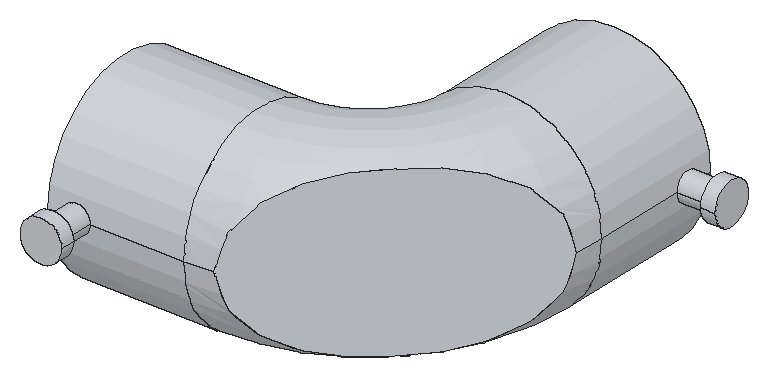
Revit family "26cead040ce648f0a52e13af757734e3", category Conduit Fittings, Revit 2021
Family settings
  Round Connector Dimension = Use Radius
  Part Type = Junction Box Elbow
  OmniClass Number = 23.80.30.17.11
  OmniClass Title = Conduits
  Work Plane-Based = No
  Always vertical = Yes
  Cut with Voids When Loaded = No
  Shared = No
Parameters (values of type "Standard")
  Radius 2 [instance] = 0.75 * Length 1  # 0.10045"
  Radius 1 [instance] = 0.5 * Length 1  # 0.06696"
  Nominal Radius [instance] = 1/4"
  Nominal Diameter [instance] = Nominal Radius * 2  # 1/2"
  Length 9 [instance] = (Center to End - Length 1) * sin(Angle)  # 1.17642"
  Length 8 [instance] = Center to End + (Center to End - Length 1) * cos(Angle)  # 1.31034"
  Length 6 [instance] = Length 5 * sin(Angle)  # 0.65517"
  Length 5 [instance] = Center to End - Length 4  # 0.65517"
  Length 4 [instance] = 0.5 * Center to End  # 0.65517"
  Length 3 [instance] = 1.3 * End Outside Radius  # 39/64"
  Length 2 [instance] = 0.15 * End Outside Radius  # 9/128"
  Length 7 [instance] = Center to End + Length 5 * cos(Angle)  # 1.31034"
  Length 16 [instance] = if(Angle < 30.00°, Length 4 - 0.1 * Center to End, Length 4 + 0.1 * Center to End)  # 0.78621"
  Length 15 [instance] = if(Angle < 30.00°, Length 12 * sin(Angle 1), Length 13 * sin(Angle 1))  # 0.99289"
  Length 14 [instance] = if(Angle < 30.00°, Length 12 * cos(Angle 1), Length 13 * cos(Angle 1))  # 0.99289"
  Length 13 [instance] = (Center Radius + End Outside Radius - 0.1 * Center to End / tan(Angle 1)) * 2 * sin(Angle 1)  # 1.40416"
  Length 12 [instance] = (Center Radius + End Outside Radius + 0.1 * Center to End / tan(Angle 1)) * 2 * sin(Angle 1)  # 1.77478"
  Length 11 [instance] = Length 3 * cos(Angle)  # 0"
  Length 10 [instance] = Length 3 * sin(Angle)  # 39/64"
  Length 1 [instance] = End Outside Diameter / 7  # 0.13393"
  End Outside Radius [instance] = End Outside Diameter / 2  # 15/32"
  End Outside Diameter [instance] = size_lookup(Conduit Size Lookup, "EOD", 1.22 * Nominal Diameter + 1/4", Nominal Diameter)  # 15/16"
  Default Elevation = 0' - 0"
  Conduit Size Lookup = "Conduit Elbow - Set Screw - Die Cast Zinc"
  Center to End [instance] = size_lookup(Conduit Size Lookup, "CtE", 1.28 * Nominal Diameter + 169/256", Nominal Diameter)  # 1.31034"
  Center Radius [instance] = (Center to End - Length 4) / tan(Angle / 2)  # 0.65517"
  Angle 1 [instance] = Angle * 0.5  # 45.00°
  Angle [instance] = 90.00°
Reference planes (in)
  plane 1 "Center (Front/Back)": y = 0
  plane 2: z = 0
  plane 3 "Center (Left/Right)": x = 0
  plane 4: x = -0.65517
  plane 5: y = 0.65517
  plane 6: x = -1.31034
  plane 7: x = 0
  plane 8: x = -1.17642
  plane 9: y = -0.60938
  plane 10: y = -0.67969
  plane 11: x = 0
  plane 12: y = 1.17642
  plane 13: y = 0.65517
  plane 14: x = 0.60938
  plane 15: y = 1.17642
  plane 16: y = -0.46875
  plane 17: x = -0.52414
  plane 18: z = 0.46875
  plane 19: z = -0.46875
  plane 20: x = 0.46875
  plane 21: y = 0.52414
Forms (in)
  Extrusion 1, solid, detail levels fine
    sketch origin (0, 0, 0) x (1, 0, 0) y (0, 0, 1)
      loop
        circle (-1.17642, 0) r 0.06696
    from 0 to 0.60938
  Extrusion 2, solid, detail levels fine
    sketch origin (0, 0, 0) x (1, 0, 0) y (0, 0, 1)
      loop
        circle (-1.17642, 0) r 0.10045
    from 0.60938 to 0.67969
  Sweep 3, solid, detail levels fine
    path in 3D
      loop
        line (0, 1.17642, 0) -> (0.60938, 1.17642, 0)
    profile origin (0.30469, 1.17642, 0) x (0, 1, 0) y (0, 0, 1)
      loop
        circle (0, 0) r 0.06696
  Sweep 4, solid, detail levels fine
    path in 3D
      loop
        line (0.60938, 1.17642, 0) -> (0.67969, 1.17642, 0)
    profile origin (0.64453, 1.17642, 0) x (0, 1, 0) y (0, 0, 1)
      loop
        circle (0, 0) r 0.10045
  Sweep 5, solid, detail levels fine
    path in 3D
      loop
        line (-1.31034, 0, 0) -> (-0.65517, 0, 0)
        arc (-0.65517, 0, 0) -> (-0.1919, 0.1919, 0) -> (0, 0.65517, 0) r 0.65517
        line (0, 0.65517, 0) -> (0, 1.31034, 0)
    profile origin (-0.98276, 0, 0) x (0, 1, 0) y (0, 0, 1)
      loop
        circle (0, 0) r 0.46875
  Extrusion 6, void
    sketch origin (0, 0, 0) x (1, 0, 0) y (0, 1, 0)
      loop
        line (-0.52414, -0.46875) -> (0.46875, -0.46875) -> (0.46875, 0.52414) -> (-0.52414, -0.46875)
    from -0.46875 to 0.46875
Cuts and joins
  Extrusion 6 cuts Sweep 5
  joined: Extrusion 1, Extrusion 2, Sweep 3, Sweep 4, Sweep 5
Lines and regions (in)
  model lines, detail levels coarse+medium
    curve 1: line (-1.31034, 0, 0) -> (-0.65517, 0, 0)
    curve 3: arc (-0.65517, 0, 0) -> (-0.1919, 0.1919, 0) -> (0, 0.65517, 0) r 0.65517
    curve 4: line (0, 0.65517, 0) -> (0, 1.31034, 0)
  reference lines
    curve 2: line (0, 1.17642, 0) -> (0.60938, 1.17642, 0)
    curve 5: line (0.60938, 1.17642, 0) -> (0.67969, 1.17642, 0)
  sketch lines
    curve 6: line (0, 1.17642, 0) -> (0.60938, 1.17642, 0)
    curve 7: line (0.60938, 1.17642, 0) -> (0.67969, 1.17642, 0)
    curve 8: line (-1.31034, 0, 0) -> (-0.65517, 0, 0)
    curve 9: arc (-0.65517, 0, 0) -> (-0.1919, 0.1919, 0) -> (0, 0.65517, 0) r 0.65517
    curve 10: line (0, 0.65517, 0) -> (0, 1.31034, 0)
Dimensions and locks (in)
  "Length 5": plane 4 to plane 3 "Center (Left/Right)"
  "Center Radius": plane 5 to plane 1 "Center (Front/Back)"
  "Length 4": plane 6 to plane 4
  "Length 7": plane 6 to plane 7
  "Length 1": plane 6 to plane 8
  "Length 3": plane 1 "Center (Front/Back)" to plane 9
  "Length 2": plane 9 to plane 10
  "Length 8": plane 6 to plane 11
  "Length 6": plane 13 to plane 1 "Center (Front/Back)"
  "Length 4": curve 4 to curve 4
  "Length 10": plane 11 to plane 14
  "Length 3": curve 2 to curve 2
  "Length 11": plane 12 to plane 15
  "Length 9": plane 12 to plane 1 "Center (Front/Back)"
  "Length 2": curve 5 to curve 5
  "End Outside Radius": plane 1 "Center (Front/Back)" to plane 16
  "End Outside Radius": plane 18 to plane 2
  "End Outside Radius": plane 19 to plane 2
  "Length 14": plane 17 to plane 20
  "Length 15": plane 21 to plane 16
  "Length 16": plane 6 to plane 17
  "Radius 1": radius of Extrusion 1 sketch curve
  "Radius 2": radius of Extrusion 2 sketch curve
  "Radius 1": radius of Sweep 3 sketch curve
  "Radius 2": radius of Sweep 4 sketch curve
  "End Outside Radius": radius of Sweep 5 sketch curve
  "Angle": angle plane 11 to curve 2
  "Angle": angle curve 3 to curve 3
  "Angle": angle plane 13 to curve 4
  "Angle": angle plane 14 to curve 5
  aligned and locked: plane 6 to curve 1
  aligned and locked: plane 1 "Center (Front/Back)" to curve 1
  aligned and locked: plane 8 to Extrusion 1 sketch curve
  aligned and locked: plane 2 to Extrusion 1 sketch curve
  aligned and locked: plane 8 to Extrusion 2 sketch curve
  aligned and locked: plane 2 to Extrusion 2 sketch curve
  aligned and locked: Extrusion 1 to plane 1 "Center (Front/Back)"
  aligned and locked: Extrusion 1 to plane 9
  aligned and locked: plane 9 to Extrusion 2
  aligned and locked: Extrusion 2 to plane 10
  aligned and locked: plane 12 to curve 2
  aligned and locked: plane 5 to curve 3
  aligned and locked: plane 4 to curve 3
  aligned and locked: plane 7 to curve 4
  aligned and locked: plane 13 to curve 4
  aligned and locked: plane 14 to curve 5
  aligned and locked: plane 20 to Extrusion 6 sketch curve  (x2)
  aligned and locked: Extrusion 6 sketch curve to plane 16
  aligned and locked: plane 21 to Extrusion 6 sketch curve
  aligned and locked: plane 16 to Extrusion 6 sketch curve
  aligned and locked: plane 17 to Extrusion 6 sketch curve
  aligned and locked: plane 19 to Extrusion 6
  aligned and locked: plane 18 to Extrusion 6
Automatic sketch dimensions
  Sweep 3 sketch curve to profile plane = 0' - 0"  (x2)
  Sweep 4 sketch curve to profile plane = 0' - 0"  (x2)
  Sweep 5 sketch curve to profile plane = 0' - 0"  (x2)
Connectors (in)
  cabletrayconduit at (-1.31034, 0, 0), diameter 0.5, driven by "Nominal Radius", driven by "Angle"
    settings: on cut or joined group of Extrusion 1, Extrusion 2, Sweep 3, Sweep 4, Sweep 5, Extrusion 6, index 1, connector width 1' - 0", connector height 1' - 0", connector angle 90.00°, system type 32, placement type 0, profile type 0, connector reference index 2, is primary connector yes, connector utility param no, connector description ""
  cabletrayconduit at (0, 1.31034, 0), diameter 0.5, driven by "Nominal Radius", driven by "Angle"
    settings: on cut or joined group of Extrusion 1, Extrusion 2, Sweep 3, Sweep 4, Sweep 5, Extrusion 6, index 2, connector width 1' - 0", connector height 1' - 0", connector angle 90.00°, system type 32, placement type 0, profile type 0, connector reference index 1, is primary connector no, connector utility param no, connector description ""
